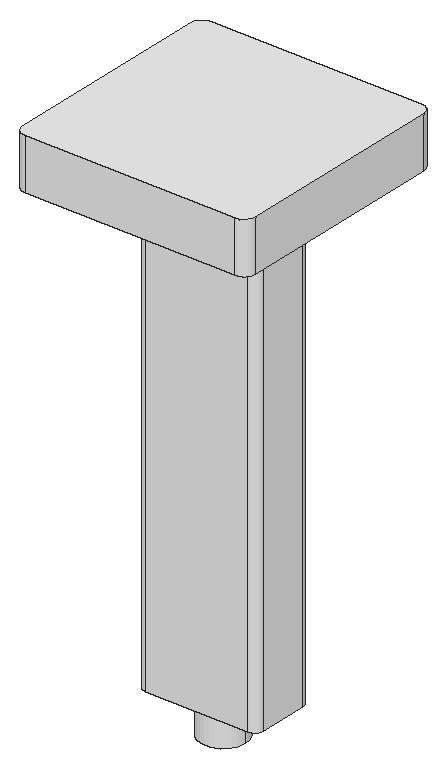
Revit family "Shower_Arm-GROHE-Eurocube-27712000", category Plumbing Fixtures, Revit 2014
Parameters
  cUPC Compliant = yes
  Waste Connection = no
  Warranty Documentation Link = "https://cdn.cloud.grohe.com/tpi/1000/1900/1940/1949/1949006/original/1949006.pdf"
  WFU = 4  # constant formula
  Vent Connection = no
  URL = "https://www.grohe.us/"
  Tempered Connection Radius = Tempered Connection Diameter / 2  # 1/4"
  Tempered Connection Diameter = Hot Water Connection Diameter  # 1/2"
  Product Page URL = "https://www.grohe.us/en_us/rainshower-shower-arm-ceiling-154-mm-npt-27712000.html"
  Price = "Prices may vary. Please consult Manufacturer Representative for most up-to-date price list."  # constant formula
  Model = "27712000"
  Material = "Metal-Grohe-000-Chrome"
  Manufacturer = "Grohe"
  Installation Type = "Ceiling-Mount"  # constant formula
  Hot Water Connection Radius = Hot Water Connection Diameter / 2  # 1/4"
  Hot Water Connection Diameter = Cold Water Connection Diameter  # 1/2"
  Height = 6 1/16"  # constant formula
  HWFU = 3  # constant formula
  HW Connection = yes
  Flow Rate = "2.0 gpm (7.6 L/min)"
  Finish = Metal-Grohe-000-Chrome
  Description = "Eurocube 6 In. Ceiling Shower Arm"  # constant formula
  Default Elevation = 0"
  Creation Date = "03/10/2017"  # constant formula
  Cold Water Connection Radius = Cold Water Connection Diameter / 2  # 1/4"
  Cold Water Connection Diameter = 1/2"  # constant formula
  CalGreen Compliant = yes
  CWFU = 3  # constant formula
  CW Connection = yes
  Assembly Code = "D2010710"
Reference planes (in)
  plane 1 "Center (Front/Back)": y = 0
  plane 2: z = 0
  plane 3 "Center (Left/Right)": x = 0
  plane 4: z = -6.0625
  plane 5: z = -0.5625
  plane 6: x = -0.25
  plane 7: x = 0.25
  plane 8: x = -1.28125
  plane 9: x = 1.28125
  plane 10: y = -1.28125
  plane 11: y = 1.28125
Forms (in)
  Extrusion 1, solid, material "Metal-Grohe-000-Chrome" <- "Finish"
    sketch origin (0, 0, 0) x (1, 0, 0) y (0, 1, 0)
      loop
        arc (-0.65945, -0.26575) -> (-0.63062, -0.33535) -> (-0.56102, -0.36417) r 0.09843
        line (-0.56102, -0.36417) -> (0.56102, -0.36417)
        arc (0.56102, -0.36417) -> (0.63062, -0.33535) -> (0.65945, -0.26575) r 0.09843
        line (0.65945, -0.26575) -> (0.65945, 0.26575)
        arc (0.65945, 0.26575) -> (0.63062, 0.33535) -> (0.56102, 0.36417) r 0.09843
        line (0.56102, 0.36417) -> (-0.56102, 0.36417)
        arc (-0.56102, 0.36417) -> (-0.63062, 0.33535) -> (-0.65945, 0.26575) r 0.09843
        line (-0.65945, 0.26575) -> (-0.65945, -0.26575)
    from -5.67938 to 0
  Extrusion 2, solid, material "Metal-Grohe-000-Chrome" <- "Finish"
    sketch origin (0, 0, 0) x (1, 0, 0) y (0, 1, 0)
      loop
        arc (-1.155, 1.28125) -> (-1.24427, 1.24427) -> (-1.28125, 1.155) r 0.12625
        line (-1.28125, 1.155) -> (-1.28125, -1.155)
        arc (-1.28125, -1.155) -> (-1.24427, -1.24427) -> (-1.155, -1.28125) r 0.12625
        line (-1.155, -1.28125) -> (1.155, -1.28125)
        arc (1.155, -1.28125) -> (1.24427, -1.24427) -> (1.28125, -1.155) r 0.12625
        line (1.28125, -1.155) -> (1.28125, 1.155)
        arc (1.28125, 1.155) -> (1.24427, 1.24427) -> (1.155, 1.28125) r 0.12625
        line (1.155, 1.28125) -> (-1.155, 1.28125)
    from -0.5625 to 0
  Extrusion 3, solid, material "Metal-Grohe-000-Chrome" <- "Finish"
    sketch origin (0, 0, 0) x (1, 0, 0) y (0, 1, 0)
      loop
        circle (0, 0) r 0.25
    from -6.0625 to -5.67938
Cuts and joins
  joined: Extrusion 1, Extrusion 2, Extrusion 3
Lines and regions (in)
  Masking region 1
    outline origin (0, 0, 0) x (1, 0, 0) y (0, 1, 0)
      loop
        arc (-1.155, 1.28125) -> (-1.24427, 1.24427) -> (-1.28125, 1.155) r 0.12625
        line (-1.28125, 1.155) -> (-1.28125, -1.155)
        arc (-1.28125, -1.155) -> (-1.24427, -1.24427) -> (-1.155, -1.28125) r 0.12625
        line (-1.155, -1.28125) -> (1.155, -1.28125)
        arc (1.155, -1.28125) -> (1.24427, -1.24427) -> (1.28125, -1.155) r 0.12625
        line (1.28125, -1.155) -> (1.28125, 1.155)
        arc (1.28125, 1.155) -> (1.24427, 1.24427) -> (1.155, 1.28125) r 0.12625
        line (1.155, 1.28125) -> (-1.155, 1.28125)
Dimensions and locks (in)
  "Height": level to plane 4
  plane 3 "Center (Left/Right)" to plane 8 = 1 9/32"
  aligned and locked: level to Extrusion 1
  aligned and locked: Masking region 1 sketch curve to cut or joined group of Extrusion 1, Extrusion 2, Extrusion 3  (x4)
  aligned and locked: Extrusion 2 to plane 5
Automatic sketch dimensions
  Extrusion 2 sketch curve to plane 10 = 0"
  Masking region 1 sketch curve to Masking region 1 sketch curve = 0.12625"  (x4)
  Extrusion 1 sketch curve to plane 6 = 0.40945"
  Extrusion 1 sketch curve to Extrusion 1 sketch curve = 0.09843"  (x4)
  Extrusion 1 sketch curve to plane 1 "Center (Front/Back)" = 0.26575"
  Extrusion 1 sketch curve to plane 7 = 0.31102"
  plane 1 "Center (Front/Back)" to Extrusion 1 sketch curve = 0.26575"
  Extrusion 2 sketch curve to Extrusion 2 sketch curve = 0.12625"  (x3)
  plane 8 to Extrusion 2 sketch curve = 0.12625"
  Extrusion 2 sketch curve to plane 8 = 0"
  plane 11 to Extrusion 2 sketch curve = 0"
  Extrusion 2 sketch curve to plane 9 = 0"
  plane 1 "Center (Front/Back)" to Extrusion 3 sketch curve = 0"
  Extrusion 3 sketch curve to plane 3 "Center (Left/Right)" = 0"
  radius of Extrusion 3 sketch curve = 1/4"
Connectors (in)
  piping at (0, 0, 0), diameter 0.5, driven by "Tempered Connection Diameter"
    settings: on cut or joined group of Extrusion 1, Extrusion 2, Extrusion 3, index 1, connector inside diameter 24", connector length 0", flow factor 0, pipe flow 0 GPM, pressure drop 0.00 psi, fitting loss kfactor 0, connector angle 0.00°, fixture units 0, engagement length 0", angle of deflection 0.00°, flow configuration 0, flow direction 1, fitting loss method 0, system type 29, joint type 0, gender type 0, connector reference index -1, connector utility 0, adjustable connector no, is connector primary yes, connector description "1/2\" NPT Supply Inlet"
